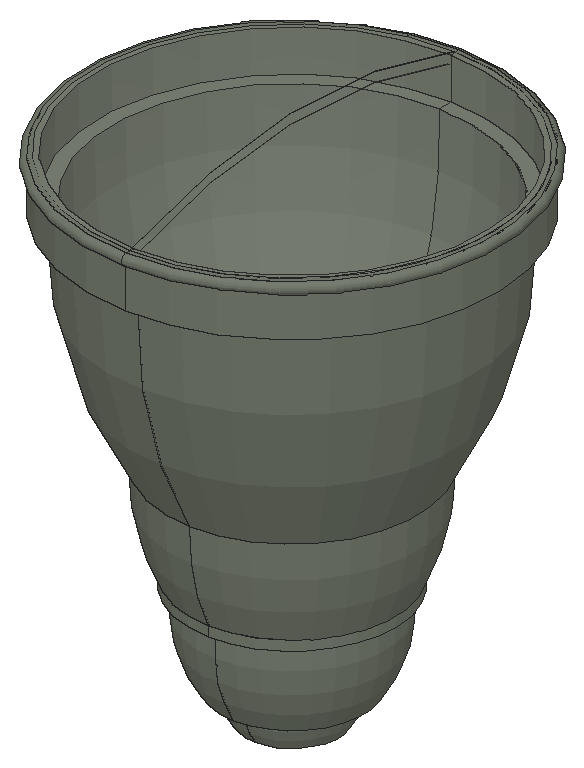
Revit family "PRM4", category Lighting Fixtures, host Face, Revit 2012
Parameters (values of type "PRM4 - WRZ")
  Wattage Comments = "175-400W"  # constant formula
  Watt [instance] = 175 W
  Voltage [instance] = 120 V
  Is Volt [instance] = Voltage : 120V
  URL = "http://www.aal.net/"
  Photometric Web [instance] = Web PRM4 : PRM4-H5-250MH
  Horizontal Lamp [instance] = not(Vertical Lamp)  # no
  Product Page URL = "http://www.aal.net/products/promenade8482_prm4/"
  Product Documentation Link = "http://cdn.aal.net/content/products/specs/specs_files/aal_prm4_spec.pdf"
  Model = "PRM4"  # constant formula
  Manufacturer Phone = "(626)-968-5666"  # constant formula
  Manufacturer Fax = "(626)-369-2695"  # constant formula
  Manufacturer = "Architectural Area Lighting"  # constant formula
  Load Classification = Lighting
  Lamp = "ED-18 & ED-28"  # constant formula
  Vertical Lamp [instance] = yes
  Glass = Hubbell-Glass-Frosted
  Finish = Hubbell-Aluminum-Weathered Bronze
  Description = "PROMENADE – PRM4"  # constant formula
  Default Elevation = 48.000"
  Apparent Load = 0 VA
Types (14): name | Photometric Web | Horizontal Lamp | Vertical Lamp | Finish
  (no name) | Web PRM4 : PRM4-H5-250MH | no | yes | Hubbell-Aluminum-Weathered Bronze
  PRM4 - AWT | Web PRM4 : PRM4-H3-250MH | no | yes | Hubbell-Aluminum-Artic White
  PRM4 - BLK | Web PRM4 : PRM4-H2-250MH | no | yes | Hubbell-Aluminum-Black
  PRM4 - MTB | Web PRM4 : PRM4-H3-250MH | no | yes | Hubbell-Aluminum-Matte Black
  PRM4 - DGN | Web PRM4 : PRM4-H3-250MH | no | yes | Hubbell-Aluminum-Dark Green
  PRM4 - DBZ | Web PRM4 : PRM4-H3-250MH | no | yes | Hubbell-Aluminum-Dark Bronze
  PRM4 - WRZ | Web PRM4 : PRM4-H5-250MH | no | yes | Hubbell-Aluminum-Weathered Bronze
  PRM4 - BRM | Web PRM4 : PRM4-H3-250MH | no | yes | Hubbell-Aluminum-Metalic Bronze
  PRM4 - VBL | Web PRM4 : PRM4-H4-250MH | no | yes | Hubbell-Aluminum-Verde Blue
  PRM4 - CRT | Web PRM4 : PRM4-H5-250MH | no | yes | Hubbell-Aluminum-Corten
  PRM4 - MAL | Web PRM4 : PRM4-H4-250MH | yes | no | Hubbell-Aluminum-Matte
  PRM4 - MDG | Web PRM4 : PRM4-H5-250MH | no | yes | Hubbell-Aluminum-Medium Grey
  PRM4 - ATG | Web PRM4 : PRM4-H4-250MH | no | yes | Hubbell-Aluminum-Antique Green
  PRM4 - LGY | Web PRM4 : PRM4-H4-250MH | no | yes | Hubbell-Aluminum-Light Grey
Reference planes (in)
  plane 1 "Center (Front/Back)": y = 0
  plane 2: z = 0
  plane 3 "Center (Left/Right)": x = 0
  plane 4: z = 28
  plane 5: y = 11
  plane 6: y = -11
  plane 7: z = 20
Forms (in)
  Revolve 1, solid, material "Hubbell-Glass-Frosted" <- "Glass", visible <- "Horizontal Lamp"
    sketch origin (0, 0, 0) x (0, 1, 0) y (0, 0, 1)
      loop
        line (10.5, 26.23671) -> (0, 26.23671) -> (0, 25.69451) -> (10.5, 25.69451) -> (10.5, 26.23671)
      axis (0, 26.23671) -> (0, 25.69451)
    angle from 0 to 360
  Revolve 2, solid, material "Hubbell-Glass-Frosted" <- "Glass", visible <- "Vertical Lamp"
    sketch origin (0, 0, 0) x (0, 1, 0) y (0, 0, 1)
      loop
        arc (10.5, 26.23671) -> (5.32351, 27.55611) -> (0, 28) r 32.14425
        line (0, 28) -> (0, 27.50676)
        arc (0, 27.50676) -> (5.32594, 27.05544) -> (10.5, 25.71436) r 31.65101
        line (10.5, 25.71436) -> (10.5, 26.23671)
      axis (0, 28) -> (0, 25.71436)
    angle from 0 to 360
  Revolve 3, solid, material "Hubbell-Aluminum-Weathered Bronze" <- "Finish"
    sketch origin (0, 0, 0) x (0, 1, 0) y (0, 0, 1)
      loop
        line (10.22134, 26.23671) -> (10.22134, 24.05967) -> (9.45299, 24.05967)
        arc (9.45299, 24.05967) -> (9.21228, 19.83245) -> (8.08937, 15.75) r 20.05306
        line (8.08937, 15.75) -> (0, 15.75) -> (0, 0) -> (2.44692, 0)
        arc (2.44692, 0) -> (2.84751, 0.73745) -> (3.01466, 1.55987) r 2.83524
        line (3.01466, 1.55987) -> (3.76466, 1.55987)
        arc (3.76466, 1.55987) -> (4.78689, 3.75271) -> (4.91379, 6.16877) r 6.3436
        line (4.91379, 6.16877) -> (5.41379, 6.16877) -> (5.41379, 6.66877)
        arc (5.41379, 6.66877) -> (6.30894, 9.15616) -> (6.59479, 11.78422) r 11.17544
        arc (6.59479, 11.78422) -> (9.18076, 17.41454) -> (9.97134, 23.55967) r 20.55306
        line (9.97134, 23.55967) -> (10.72134, 23.55967) -> (10.72134, 25.6794)
        arc (10.72134, 25.6794) -> (11, 25.95805) -> (10.72134, 26.23671) r 0.27866
        line (10.72134, 26.23671) -> (10.22134, 26.23671)
      axis (0, 26.23671) -> (0, 0)
    angle from 0 to 360
Dimensions and locks (in)
  locked: plane 4 to plane 2 at 28
  equal spacing: plane 5, plane 1 "Center (Front/Back)", plane 6
  plane 5 to plane 6 = 22.000"
  locked: plane 5 to plane 1 "Center (Front/Back)" at 11
  locked: plane 7 to plane 2 at 20
  aligned and locked: plane 2 to host face
  aligned and locked: level to host face
  aligned and locked: plane 1 "Center (Front/Back)" to Revolve 1 sketch curve  (x2)
  aligned and locked: plane 1 "Center (Front/Back)" to Revolve 2 sketch curve
  aligned and locked: plane 1 "Center (Front/Back)" to nested 2
  aligned and locked: plane 3 "Center (Left/Right)" to nested 2
  aligned and locked: plane 1 "Center (Front/Back)" to Revolve 3 sketch curve
  aligned and locked: nested 2 to Revolve 3 sketch curve
Automatic sketch dimensions
  host sketch curve to host sketch curve = 96.000"  (x2)
  plane 5 to Revolve 1 sketch curve = 0.500"
  level to Revolve 1 sketch curve = 3.250"
  Revolve 1 sketch curve to Revolve 1 sketch curve = 0.5422"
  plane 4 to Revolve 1 sketch curve = 5.250"
  Revolve 2 sketch curve to Revolve 2 sketch curve = 0.000"
  Revolve 2 sketch curve to plane 1 "Center (Front/Back)" = 0.000"
  plane 5 to Revolve 2 sketch curve = 0.500"
  Revolve 2 sketch curve to Revolve 2 sketch curve = 5.750"  (x2)
  Revolve 2 sketch curve to plane 4 = 2.28564"
  Revolve 2 sketch curve to Revolve 2 sketch curve = 0.52235"
  plane 4 to Revolve 2 sketch curve = 0.000"
  Revolve 1 sketch curve to plane 4 = 2.30549"
  Revolve 3 sketch curve to level = 0.000"
  plane 1 "Center (Front/Back)" to Revolve 3 sketch curve = 1.36827"
  plane 1 "Center (Front/Back)" to Revolve 3 sketch curve = 4.58007"
  Revolve 3 sketch curve to plane 6 = 0.42389"
  Revolve 3 sketch curve to plane 1 "Center (Front/Back)" = 0.18325"
  Revolve 3 sketch curve to Revolve 3 sketch curve = 2.44692"
  Revolve 3 sketch curve to Revolve 3 sketch curve = 0.56775"
  Revolve 3 sketch curve to Revolve 3 sketch curve = 0.750"
  Revolve 3 sketch curve to Revolve 3 sketch curve = 1.14913"
  Revolve 3 sketch curve to Revolve 3 sketch curve = 0.500"  (x4)
  plane 5 to Revolve 3 sketch curve = 4.40521"
  Revolve 3 sketch curve to Revolve 3 sketch curve = 1.49459"
  plane 5 to Revolve 3 sketch curve = 1.02866"
  plane 5 to Revolve 3 sketch curve = 0.27866"
  Revolve 3 sketch curve to level = 18.250"
  level to Revolve 3 sketch curve = 1.55987"
  Revolve 3 sketch curve to Revolve 3 sketch curve = 3.5802"
  Revolve 3 sketch curve to plane 7 = 4.250"
  Revolve 3 sketch curve to Revolve 3 sketch curve = 2.11973"
  Revolve 3 sketch curve to Revolve 3 sketch curve = 0.27866"
  plane 4 to Revolve 3 sketch curve = 12.750"
  Revolve 3 sketch curve to Revolve 3 sketch curve = 0.51835"
  Revolve 3 sketch curve to Revolve 3 sketch curve = 0.000"  (x2)
  Revolve 3 sketch curve to Revolve 3 sketch curve = 3.96578"
Nested families (in)
  nested 1: "Voltage" at (8.73564, -35.19298, 0), type "120V"
  nested 2: "Web PRM4" at (0.23896, -0.03999, 20), type <- "Photometric Web", type "PRM4-H5-250MH"
Connectors (in)
  electrical at (0, 0, 0), driven by "Voltage", driven by "Apparent Load"
    settings: on host face, index 1, voltage 120 V, apparent load 0 VA, apparent load phase1 0 VA, apparent load phase2 0 VA, apparent load phase3 0 VA, power factor 1, load classification "Lighting", number of poles 1, system type 30, power factor state 1, is connector primary yes, connector utility no, sub classification motor no, connector description "Electrical Connector"
Definition of nested family "Voltage"
  Parameters (values of type "277V")
    277V = yes
    240V = no
    208V = no
    120V = no
  Types (5): name | 277V | 240V | 208V | 120V
    (no name) | yes | no | no | no
    120V | no | no | no | yes
    208V | no | no | yes | no
    240V | no | yes | no | no
    277V | yes | no | no | no
  Reference planes (in)
    plane 1 "Center (Front/Back)": y = 0
    plane 2: z = 0
    plane 3 "Center (Left/Right)": x = 0
  Dimensions and locks (in)
    aligned and locked: plane 2 to level
Definition of nested family "Web PRM4"
  Parameters (values of type "PRM4-V5-250MH")
    Wattage Comments = ""
    Wattage = 250 W
    built-in parameter 1150110 = 1 (stored number, unit not read)
    URL = ""
    built-in parameter 1114217 = 1 (stored number, unit not read)
    Tilt Angle = -90.00°
    built-in parameter 1150109 = 1 (stored number, unit not read)
    built-in parameter 1150134 = (empty or 0)
    built-in parameter 1150113 = 1 (stored number, unit not read)
    Product Page URL = ""
    Product Documentation Link = ""
    Photometric Web File = "PRM4-V5-250MH.ies"
    Model = ""
    Manufacturer Phone = "(864)-678-1000"
    Manufacturer Fax = "(866)-898-1065"
    Manufacturer = "Hubbell Outdoor Lighting"
    built-in parameter 1150105 = 1616.4 (stored number, unit not read)
    Lumens = 20312.5 lm
    built-in parameter 1150115 = 1 (stored number, unit not read)
    built-in parameter 1150137 = (empty or 0)
    built-in parameter 1150139 = (empty or 0)
    built-in parameter 1150112 = 1 (stored number, unit not read)
    built-in parameter 1150114 = 1 (stored number, unit not read)
    Lamp = ""
    built-in parameter 1150132 = 1
    built-in parameter 1150102 = (empty or 0)
    built-in parameter 1150107 = 5100 (stored number, unit not read)
    built-in parameter 1150138 = (empty or 0)
    built-in parameter 1150106 = 16.164 (stored number, unit not read)
    Emit from Circle Diameter = 18.000"  # constant formula
    Emit Shape Visible in Rendering = no
    built-in parameter 1150104 = 7.5484 (stored number, unit not read)
    Dimming Lamp Color Temperature Shift = (empty or 0)
    Description = ""
    Default Elevation = 48.000"
    Color Filter = 16777215
    built-in parameter 1114218 = 1 (stored number, unit not read)
    built-in parameter 1150133 = 10 (stored number, unit not read)
  Types (6): name | Photometric Web File
    PRM4-H2-250MH | "PRM4-H2-250MH.ies"
    PRM4-H3-250MH | "PRM4-H3-250MH.ies"
    PRM4-H4-250MH | "PRM4-H4-250MH.ies"
    PRM4-H5-250MH | "PRM4-H5-250MH.ies"
    PRM4-V3-250MH | "PRM4-V3-250MH.ies"
    PRM4-V5-250MH | "PRM4-V5-250MH.ies"
  Reference planes (in)
    plane 1 "Center (Front/Back)": y = 0.03999
    plane 2: z = 0
    plane 3 "Center (Left/Right)": x = -0.23896
  Forms (in)
    Extrusion 1, solid
      sketch origin (0, 0, 0.06357) x (1, 0, 0) y (0, 1, 0)
        loop
          line (-48, 48) -> (-48, -48) -> (48, -48) -> (48, 48) -> (-48, 48)
      from -0.06357 to -6.06357
  Lines and regions (in)
    reference lines
      curve 1: line (-0.23896, 0.03999, 18.11448) -> (-0.23896, 0.03999, -22.88552)
      curve 2: line (-0.23896, 0.03999, 34) -> (-0.23896, 0.03999, -22.88552)
      curve 3: line (-0.23896, 29.03999, 0) -> (-0.23896, -29.96001, 0)
      curve 4: line (-37.23896, 0.03999, 0) -> (40.76104, 0.03999, 0)
  Dimensions and locks (in)
    aligned and locked: plane 2 to Extrusion 1
    aligned and locked: level to Extrusion 1
    aligned and locked: plane 3 "Center (Left/Right)" to imposter light
    aligned and locked: imposter light to plane 1 "Center (Front/Back)"
    aligned and locked: curve 1 to plane 3 "Center (Left/Right)"
    aligned and locked: plane 1 "Center (Front/Back)" to curve 2
    aligned and locked: curve 3 to plane 3 "Center (Left/Right)"
    aligned and locked: plane 1 "Center (Front/Back)" to curve 4
